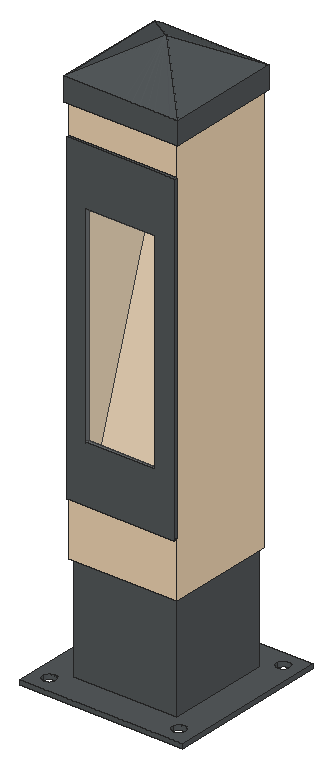
Revit family "Баум", category Осветительные приборы, Revit 2019 (continued)
Forms (mm)
  Extrusion 8, void
    sketch origin (0, 0, 0) x (0, 1, 0) y (0, 0, 1)
      loop
        line (47.5, 453) -> (-50, 453) -> (-50, 153) -> (47.5, 453)
    from -32 to 32
Cuts and joins
  Extrusion 8 cuts Extrusion 3
  Extrusion 8 cuts Extrusion 6
  Extrusion 8 cuts Extrusion 7
Lines and regions (mm)
  model lines, style "Линии светильника", detail levels coarse
    curve 1: line (0, 0, 531.172) -> (-52.5, 0, 502)
    curve 2: line (-50, 0, 502) -> (50, 0, 502)
    curve 3: line (52.5, 0, 502) -> (0, 0, 531.172)
    curve 4: line (-50, 0, 502) -> (-50, 0, 0)
    curve 5: line (50, 0, 502) -> (50, 0, 0)
    curve 6: line (-50, 0, 0) -> (50, 0, 0)
Dimensions and locks
  equal spacing: plane 6, plane 3 "По центру (Влево/Вправо)", plane 7
  "L_фланец": plane 6 to plane 7
  equal spacing: plane 4, plane 1 "По центру (Вперед/Назад)", plane 5
  "S_фланец": plane 4 to plane 5
  equal spacing: plane 8, plane 3 "По центру (Влево/Вправо)", plane 9
  "L_фланец отверстия": plane 8 to plane 9
  equal spacing: plane 10, plane 1 "По центру (Вперед/Назад)", plane 11
  "S_фланец отверстия": plane 10 to plane 11
  "h_фланец": plane 12 to plane 2
  equal spacing: plane 13, plane 3 "По центру (Влево/Вправо)", plane 14
  equal spacing: plane 15, plane 1 "По центру (Вперед/Назад)", plane 16
  "S_столб низ": plane 15 to plane 16
  "L_столб низ": plane 13 to plane 14
  "h_столб низ": plane 17 to plane 2
  equal spacing: plane 18, plane 3 "По центру (Влево/Вправо)", plane 19
  "L_столб верх": plane 18 to plane 19
  equal spacing: plane 20, plane 1 "По центру (Вперед/Назад)", plane 21
  "S_столб верх": plane 20 to plane 21
  "h_столб верх": plane 22 to plane 17
  equal spacing: plane 23, plane 3 "По центру (Влево/Вправо)", plane 24
  "L_столб верх": plane 23 to plane 24
  equal spacing: plane 29, plane 1 "По центру (Вперед/Назад)", plane 26
  "S_столб верх": plane 29 to plane 26
  "S_шапка": plane 25 to plane 29
  plane 27 to Extrusion 3 = 37.5 mm
  "S_шапка": plane 26 to plane 30
  "S_шапка": plane 24 to plane 28
  "h_опуск шапки": plane 22 to plane 31
  "h_шапка": plane 32 to plane 22
  "h1_окно": plane 31 to plane 33
  "h_окно": plane 33 to plane 34
  "X1_отступ стекла": plane 35 to plane 23
  "X1_отступ стекла": plane 24 to plane 36
  "X_отступ стекла": plane 33 to plane 37
  "X_отступ стекла": plane 38 to plane 34
  plane 21 to plane 39 = 3 mm
  "S_шапка": plane 40 to plane 23
  plane 32 to level = 531 mm
  "d_фланец отверстия": diameter of Extrusion 1 sketch curve  (x4)
  diameter of Blend 5 sketch curve = 0.6 mm
  "r_закругления": radius of Extrusion 6 sketch curve  (x8)
  "r_закругления": radius of Extrusion 7 sketch curve  (x4)
  aligned and locked: level to plane 2
  aligned and locked: Extrusion 1 sketch curve to plane 4
  aligned and locked: plane 6 to Extrusion 1 sketch curve
  aligned and locked: plane 5 to Extrusion 1 sketch curve
  aligned and locked: Extrusion 1 sketch curve to plane 7
  aligned and locked: plane 8 to Extrusion 1 sketch curve  (x2)
  aligned and locked: plane 10 to Extrusion 1 sketch curve  (x2)
  aligned and locked: plane 11 to Extrusion 1 sketch curve  (x2)
  aligned and locked: plane 9 to Extrusion 1 sketch curve  (x2)
  aligned and locked: Extrusion 1 to level
  aligned and locked: plane 12 to Extrusion 1
  aligned and locked: Extrusion 2 sketch curve to plane 15
  aligned and locked: plane 13 to Extrusion 2 sketch curve
  aligned and locked: plane 16 to Extrusion 2 sketch curve
  aligned and locked: Extrusion 2 sketch curve to plane 14
  aligned and locked: Extrusion 2 to plane 12
  aligned and locked: plane 17 to Extrusion 2
  aligned and locked: Extrusion 3 sketch curve to plane 20
  aligned and locked: plane 18 to Extrusion 3 sketch curve
  aligned and locked: plane 21 to Extrusion 3 sketch curve
  aligned and locked: Extrusion 3 sketch curve to plane 19
  aligned and locked: Extrusion 3 to plane 17
  aligned and locked: plane 22 to Extrusion 3
  aligned and locked: Extrusion 4 sketch curve to plane 25
  aligned and locked: plane 30 to Extrusion 4 sketch curve
  aligned and locked: Extrusion 4 sketch curve to plane 28
  aligned and locked: Extrusion 4 sketch curve to Extrusion 3  (x4)
  aligned and locked: Extrusion 4 to plane 31
  aligned and locked: plane 22 to Extrusion 4
  aligned and locked: Blend 5 sketch curve to Extrusion 4  (x3)
  aligned and locked: plane 3 "По центру (Влево/Вправо)" to Blend 5 sketch curve
  aligned and locked: plane 1 "По центру (Вперед/Назад)" to Blend 5 sketch curve
  aligned and locked: Blend 5 to plane 22
  aligned and locked: plane 32 to Blend 5
  aligned and locked: Extrusion 6 sketch curve to plane 33
  aligned and locked: plane 34 to Extrusion 6 sketch curve
  aligned and locked: plane 23 to Extrusion 6 sketch curve
  aligned and locked: Extrusion 6 sketch curve to plane 24
  aligned and locked: plane 21 to Extrusion 6
  aligned and locked: plane 39 to Extrusion 6
  aligned and locked: Extrusion 7 sketch curve to plane 35
  aligned and locked: plane 36 to Extrusion 7 sketch curve
  aligned and locked: Extrusion 7 sketch curve to plane 37
  aligned and locked: plane 38 to Extrusion 7 sketch curve
  aligned and locked: Extrusion 6 sketch curve to plane 37
  aligned and locked: Extrusion 6 sketch curve to plane 35
  aligned and locked: plane 38 to Extrusion 6 sketch curve
  aligned and locked: plane 36 to Extrusion 6 sketch curve
  aligned and locked: Extrusion 8 sketch curve to plane 33
  aligned and locked: plane 21 to Extrusion 8 sketch curve
  aligned and locked: plane 34 to Extrusion 8 sketch curve
  aligned and locked: plane 15 to Extrusion 8 sketch curve
  aligned and locked: Extrusion 8 to plane 35
  aligned and locked: Extrusion 8 to plane 36
  aligned and locked: plane 21 to cut or joined group of Extrusion 7, Extrusion 8
  aligned and locked: Blend 5 sketch curve to plane 40
  aligned and locked: Extrusion 4 sketch curve to plane 40
  aligned and locked: plane 39 to Extrusion 7
  aligned and locked: plane 1 "По центру (Вперед/Назад)" to nested 1
  aligned and locked: plane 3 "По центру (Влево/Вправо)" to nested 1
  aligned and locked: plane 3 "По центру (Влево/Вправо)" to imposter light
  aligned and locked: imposter light to plane 33
  aligned and locked: plane 1 "По центру (Вперед/Назад)" to imposter light
Automatic sketch dimensions
  curve 1 to plane 22 = 0 mm
  plane 40 to curve 1 = 0 mm
  plane 32 to curve 1 = 0.172 mm
  curve 3 to plane 28 = 0 mm
  curve 1 to plane 3 "По центру (Влево/Вправо)" = 0 mm
  curve 6 to level = 0 mm
  curve 2 to plane 18 = 0 mm
  curve 4 to plane 22 = 0 mm
  curve 2 to plane 19 = 0 mm
  curve 3 to plane 22 = 0 mm
Nested families
  nested 1: "УГО план" at (0, 0, 0), type "УГО план"
Connectors
  electrical at (0, 0, 0), driven by "ADSK_Количество фаз", driven by "ADSK_Классификация нагрузок", driven by "ADSK_Напряжение", driven by "ADSK_Полная мощность"
    settings: on Extrusion 1, index 1, voltage 220 V, apparent load 0 VA, apparent load phase1 0 VA, apparent load phase2 0 VA, apparent load phase3 0 VA, power factor 1, load classification "Освещение", number of poles 2, system type 30, power factor state 1, is connector primary yes, connector utility no, sub classification motor no, connector description ""
  cabletrayconduit at (0, 0, 0), diameter 20, driven by "Короб_Диаметр"
    settings: on Extrusion 1, index 2, connector width 300 mm, connector height 300 mm, connector angle 0.00°, system type 32, placement type 0, profile type 0, connector reference index -1, is primary connector yes, connector utility param no, connector description ""
Definition of nested family "УГО план"
  Parameters (values of type "УГО план")
    Default Elevation = 1219.2 mm
    r_УГО = 250 mm
    l_Отступ линий = r_УГО * 0.52  # 130 mm
    d_УГО = r_УГО * 2  # 500 mm
  Reference planes
    plane 1 "По центру (Вперед/Назад)": y = 0
    plane 2: z = 0
    plane 3 "По центру (Влево/Вправо)": x = 0
    plane 4: y = 250
    plane 5: y = -250
    plane 6: x = -250
    plane 7: x = 250
    plane 8: x = -120
    plane 9: x = 120
  Lines and regions (mm)
    symbolic lines
      curve 1: circle (0, 0, 0) r 250 normal (0, 0, 1)
      curve 2: line (-120, 219.317, 0) -> (-120, -219.317, 0)
      curve 3: line (120, 219.317, 0) -> (120, -219.317, 0)
  Dimensions and locks
    equal spacing: plane 4, plane 1 "По центру (Вперед/Назад)", plane 5
    "d_УГО": plane 4 to plane 5
    equal spacing: plane 6, plane 3 "По центру (Влево/Вправо)", plane 7
    "d_УГО": plane 6 to plane 7
    "l_Отступ линий": plane 6 to plane 8
    "l_Отступ линий": plane 9 to plane 7
    "r_УГО": radius of curve 1
    aligned and locked: level to plane 2
    aligned and locked: plane 3 "По центру (Влево/Вправо)" to curve 1
    aligned and locked: plane 1 "По центру (Вперед/Назад)" to curve 1
    aligned and locked: curve 2 to plane 8
    aligned and locked: curve 3 to plane 9
Types (3, lengths in mm): name | Файл фотометрической сетки | built-in parameter 1150105 | Lumens | built-in parameter 1150106 | built-in parameter 1150142 | Wattage | h_столб низ | h_столб верх | ADSK_Фактическая мощность | ADSK_Размер_Высота | ADSK_Номинальная мощность | ADSK_Наименование | ADSK_Масса_Текст | ADSK_Масса | ADSK_Артикул
  (no name) | "DTU-96-AF Baum 4 W .ies" | 31.831 (stored number, unit not read) | 400 lm | 0.31831 (stored number, unit not read) | "IESNA:LM-63-1995\r\n[TEST]\t\talf\r\n[MANUFAC]\tAlfresco\r\n[LUMCAT]\tDTU-96-AF Baum\r\n[LUMINAIRE]\tDTU-96-AF Baum 4 W\r\n[LAMP]\t\tLED\r\n[DATE]\t\tLDT Editor version 1.2.5.0 - DIAL GmbH (www.dial.de) on 13-05-2022\r\n[OTHER]\t\tEULUMDAT file: E:\\Revit\\1-я партия\\Ies\\Баум\\DTU-96-AF Baum 4 W .ldt\r\nTILT=NONE\r\n1 400.0 0.400 181 144 1 2 0.20 0.23 0.00\r\n1.0 1 4.0\r\n0.0 1.0 2.0 3.0 4.0 5.0 6.0 7.0 8.0 9.0 10.0 11.0 12.0 13.0 14.0 15.0 16.0 17.0 18.0 19.0 20.0 21.0 22.0 23.0 24.0 25.0 26.0 27.0\r\n 28.0 29.0 30.0 31.0 32.0 33.0 34.0 35.0 36.0 37.0 38.0 39.0 40.0 41.0 42.0 43.0 44.0 45.0 46.0 47.0 48.0 49.0 50.0 51.0 52.0 53.0\r\n 54.0 55.0 56.0 57.0 58.0 59.0 60.0 61.0 62.0 63.0 64.0 65.0 66.0 67.0 68.0 69.0 70.0 71.0 72.0 73.0 74.0 75.0 76.0 77.0 78.0 79.0\r\n 80.0 81.0 82.0 83.0 84.0 85.0 86.0 87.0 88.0 89.0 90.0 91.0 92.0 93.0 94.0 95.0 96.0 97.0 98.0 99.0 100.0 101.0 102.0 103.0 104.0\r\n 105.0 106.0 107.0 108.0 109.0 110.0 111.0 112.0 113.0 114.0 115.0 116.0 117.0 118.0 119.0 120.0 121.0 122.0 123.0 124.0 125.0\r\n 126.0 127.0 128.0 129.0 130.0 131.0 132.0 133.0 134.0 135.0 136.0 137.0 138.0 139.0 140.0 141.0 142.0 143.0 144.0 145.0 146.0\r\n 147.0 148.0 149.0 150.0 151.0 152.0 153.0 154.0 155.0 156.0 157.0 158.0 159.0 160.0 161.0 162.0 163.0 164.0 165.0 166.0 167.0\r\n 168.0 169.0 170.0 171.0 172.0 173.0 174.0 175.0 176.0 177.0 178.0 179.0 180.0\r\n0.0 2.5 5.0 7.5 10.0 12.5 15.0 17.5 20.0 22.5 25.0 27.5 30.0 32.5 35.0 37.5 40.0 42.5 45.0 47.5 50.0 52.5 55.0 57.5 60.0 62.5 65.0\r\n 67.5 70.0 72.5 75.0 77.5 80.0 82.5 85.0 87.5 90.0 92.5 95.0 97.5 100.0 102.5 105.0 107.5 110.0 112.5 115.0 117.5 120.0 122.5\r\n 125.0 127.5 130.0 132.5 135.0 137.5 140.0 142.5 145.0 147.5 150.0 152.5 155.0 157.5 160.0 162.5 165.0 167.5 170.0 172.5 175.0\r\n 177.5 180.0 182.5 185.0 187.5 190.0 192.5 195.0 197.5 200.0 202.5 205.0 207.5 210.0 212.5 215.0 217.5 220.0 222.5 225.0 227.5\r\n 230.0 232.5 235.0 237.5 240.0 242.5 245.0 247.5 250.0 252.5 255.0 257.5 260.0 262.5 265.0 267.5 270.0 272.5 275.0 277.5 280.0\r\n 282.5 285.0 287.5 290.0 292.5 295.0 297.5 300.0 302.5 305.0 307.5 310.0 312.5 315.0 317.5 320.0 322.5 325.0 327.5 330.0 332.5\r\n 335.0 337.5 340.0 342.5 345.0 347.5 350.0 352.5 355.0 357.5 360.0\r\n0.0 0.0 0.6 0.4 0.6 0.4 0.4 0.4 0.6 0.7 0.6 1.1 77.4 214.9 313.3 393.1 474.8 586.5 677.7 827.7 954.3 978.1 983.5 986.0 987.5 989.0\r\n 991.5 992.3 993.4 990.1 989.3 993.0 987.0 987.5 987.3 980.7 984.0 984.0 983.7 980.3 981.1 980.9 974.7 966.0 961.3 951.7 940.3\r\n 937.0 932.1 932.3 925.1 911.5 879.2 838.3 782.3 731.3 688.4 657.9 632.2 603.0 567.4 549.3 530.7 497.9 469.1 454.6 434.2 402.5\r\n 366.9 346.5 325.6 308.3 268.5 244.4 206.4 182.8 163.9 131.8 100.8 62.0 28.3 4.0 0.7 0.6 0.6 0.6 0.6 0.6 0.6 0.6 0.6 0.6 0.6 0.6\r\n 0.6 0.6 0.6 0.6 0.6 0.6 0.6 0.6 0.6 0.6 0.6 0.6 0.6 0.6 0.6 0.6 0.6 0.6 0.6 0.6 0.7 0.6 0.6 0.6 0.6 0.6 0.6 0.6 0.6 0.6 0.6 0.6\r\n 0.6 0.6 0.6 0.6 0.6 0.6 0.7 0.6 0.6 0.6 0.6 0.6 0.6 0.6 0.6 0.6 0.6 0.7 0.6 0.7 0.6 0.6 0.7 0.7 0.6 0.6 0.6 0.6 0.7 0.7 0.7 0.6\r\n 0.7 0.6 0.7 0.6 0.6 0.6 0.6 0.6 0.6 0.6 0.6 0.6 0.6 0.4 0.2 0.2 0.2 0.2 0.2 0.2 0.0 0.0 0.0\r\n0.0 0.0 0.6 0.4 0.6 0.4 0.4 0.4 0.6 0.7 0.6 0.9 75.2 216.0 314.4 395.3 478.6 597.2 694.8 837.4 948.8 977.2 974.8 973.7 979.6 982.5\r\n 985.7 985.1 989.9 990.6 992.5 986.8 988.8 989.3 984.8 988.2 988.2 980.3 976.3 973.2 967.1 963.5 961.6 955.6 947.7 948.0 956.7\r\n 955.6 946.2 932.3 922.7 901.8 871.7 829.7 774.6 723.2 684.0 653.9 627.8 597.2 571.7 555.9 532.9 494.0 458.4 440.1 424.7 396.6\r\n 368.3 349.4 337.9 308.7 278.0 245.9 203.3 171.2 160.6 129.2 94.9 57.4 20.5 2.6 0.6 0.4 0.6 0.6 0.4 0.6 0.6 0.6 0.6 0.6 0.6 0.6\r\n 0.6 0.6 0.6 0.6 0.6 0.6 0.6 0.6 0.6 0.6 0.6 0.6 0.6 0.6 0.6 0.6 0.6 0.6 0.6 0.6 0.6 0.6 0.6 0.6 0.6 0.6 0.6 0.6 0.6 0.6 0.6 0.6\r\n 0.6 0.6 0.6 0.6 0.6 0.6 0.6 0.6 0.6 0.6 0.6 0.6 0.6 0.6 0.6 0.6 0.6 0.6 0.6 0.6 0.6 0.6 0.6 0.6 0.6 0.6 0.6 0.6 0.6 0.6 0.6 0.6\r\n 0.6 0.6 0.6 0.6 0.6 0.6 0.6 0.6 0.6 0.6 0.6 0.6 0.6 0.4 0.2 0.2 0.2 0.2 0.2 0.2 0.0 0.0 0.0\r\n0.0 0.0 0.6 0.4 0.6 0.4 0.4 0.4 0.6 0.7 0.6 0.9 68.1 214.0 314.4 390.9 470.5 580.7 682.5 820.5 950.4 973.2 967.9 972.6 976.3 978.9\r\n 981.3 987.9 986.8 986.8 989.3 985.5 990.3 988.6 984.9 984.2 983.1 981.8 975.8 969.7 964.6 958.7 952.5 953.9 957.0 947.5 934.5\r\n 926.0 916.8 912.1 901.4 889.9 869.1 834.3 783.1 723.8 683.8 649.8 622.3 591.1 559.2 544.5 524.7 485.4 459.2 443.0 427.4 408.0\r\n 375.1 355.1 333.1 306.5 265.4 235.4 198.6 179.5 160.9 133.6 99.7 61.7 25.1 3.7 0.6 0.6 0.6 0.6 0.6 0.6 0.6 0.6 0.6 0.6 0.6 0.6\r\n 0.6 0.6 0.6 0.6 0.6 0.6 0.6 0.6 0.6 0.6 0.6 0.6 0.6 0.6 0.6 0.6 0.6 0.6 0.6 0.6 0.6 0.6 0.6 0.6 0.6 0.6 0.6 0.6 0.6 0.6 0.6 0.6\r\n 0.6 0.6 0.6 0.6 0.6 0.6 0.6 0.4 0.6 0.4 0.6 0.6 0.6 0.6 0.6 0.6 0.6 0.6 0.6 0.6 0.6 0.6 0.6 0.6 0.6 0.6 0.6 0.6 0.6 0.6 0.6 0.6\r\n 0.6 0.6 0.6 0.6 0.6 0.6 0.6 0.6 0.6 0.6 0.6 0.6 0.6 0.4 0.2 0.2 0.2 0.2 0.2 0.2 0.0 0.0 0.0\r\n0.0 0.0 0.6 0.4 0.6 0.4 0.4 0.4 0.6 0.7 0.6 0.7 57.8 206.3 309.6 383.4 455.9 552.2 650.4 780.3 950.4 975.9 973.0 972.5 973.7 984.6\r\n 984.0 987.9 984.9 989.3 991.7 989.5 987.1 975.4 979.4 972.3 964.4 964.9 966.8 967.9 968.8 965.5 962.2 952.6 944.8 931.5 923.7\r\n 920.3 918.7 913.7 899.8 889.5 871.3 821.4 765.6 719.0 671.3 638.1 617.3 587.6 556.2 536.6 517.0 485.4 456.2 443.2 422.3 395.1\r\n 362.6 340.6 330.9 302.1 267.6 238.0 204.6 173.2 160.0 131.8 96.2 55.1 18.0 3.3 0.6 0.4 0.4 0.4 0.4 0.4 0.4 0.4 0.4 0.4 0.4 0.4\r\n 0.4 0.4 0.4 0.4 0.4 0.4 0.4 0.4 0.4 0.4 0.4 0.4 0.4 0.4 0.4 0.4 0.4 0.4 0.4 0.4 0.4 0.4 0.4 0.4 0.4 0.6 0.4 0.4 0.4 0.6 0.6 0.4\r\n 0.4 0.4 0.4 0.4 0.4 0.4 0.4 0.4 0.4 0.6 0.6 0.6 0.6 0.6 0.6 0.6 0.6 0.6 0.6 0.6 0.6 0.6 0.6 0.6 0.6 0.6 0.6 0.6 0.6 0.6 0.6 0.6\r\n 0.6 0.6 0.6 0.6 0.6 0.6 0.6 0.6 0.6 0.6 0.6 0.6 0.6 0.4 0.2 0.2 0.2 0.2 0.2 0.2 0.0 0.0 0.0\r\n0.0 0.0 0.6 0.4 0.6 0.4 0.4 0.4 0.6 0.7 0.6 0.7 45.5 195.3 300.2 378.6 447.2 534.8 631.7 756.3 934.8 975.2 983.8 978.1 980.9 978.0\r\n 979.1 980.5 975.8 983.5 980.9 980.9 979.4 985.1 978.5 976.3 971.7 971.7 965.9 955.8 951.4 942.5 934.3 926.2 920.0 918.3 917.8\r\n 914.5 907.1 904.4 903.8 893.2 866.2 836.3 787.1 728.6 684.7 652.6 628.7 591.5 561.2 547.6 528.0 500.6 462.8 436.8 426.3 401.5\r\n 367.4 343.7 327.2 306.3 273.1 241.1 207.2 180.9 158.0 132.3 96.2 65.3 26.1 4.6 0.6 0.4 0.4 0.4 0.4 0.4 0.4 0.4 0.4 0.4 0.4 0.4\r\n 0.4 0.4 0.4 0.4 0.4 0.4 0.4 0.4 0.4 0.4 0.4 0.4 0.4 0.4 0.4 0.4 0.4 0.4 0.4 0.4 0.4 0.4 0.4 0.4 0.4 0.4 0.4 0.4 0.4 0.4 0.4 0.4\r\n 0.4 0.4 0.4 0.4 0.4 0.4 0.4 0.4 0.4 0.4 0.4 0.4 0.4 0.6 0.6 0.6 0.6 0.6 0.6 0.4 0.6 0.6 0.6 0.6 0.6 0.6 0.6 0.4 0.6 0.6 0.6 0.6\r\n 0.6 0.6 0.6 0.6 0.6 0.6 0.6 0.6 0.6 0.6 0.6 0.6 0.6 0.4 0.2 0.2 0.2 0.2 0.2 0.2 0.0 0.0 0.0\r\n0.0 0.0 0.6 0.4 0.6 0.4 0.4 0.4 0.6 0.6 0.6 0.7 31.4 180.4 289.8 373.1 446.9 530.0 626.7 732.6 914.3 975.6 984.6 990.3 984.4 983.5\r\n 981.6 980.5 985.8 981.3 977.6 979.1 974.5 977.8 978.0 975.2 972.3 960.9 957.4 951.0 941.1 940.5 943.3 942.7 936.7 932.6 928.6\r\n 914.7 903.3 897.6 891.2 884.7 865.1 837.9 790.6 739.6 683.4 643.4 618.5 595.0 561.6 539.7 518.3 483.6 449.6 435.9 419.0 397.5\r\n 365.4 338.6 320.6 299.7 266.3 241.3 208.1 177.3 155.8 127.6 96.7 56.7 20.5 2.8 0.4 0.4 0.4 0.4 0.4 0.4 0.4 0.4 0.4 0.4 0.4 0.4\r\n 0.4 0.4 0.4 0.4 0.4 0.4 0.4 0.4 0.4 0.4 0.4 0.4 0.4 0.4 0.4 0.4 0.4 0.4 0.4 0.4 0.4 0.4 0.4 0.4 0.4 0.4 0.4 0.4 0.4 0.4 0.4 0.4\r\n 0.4 0.4 0.4 0.4 0.4 0.4 0.4 0.4 0.4 0.4 0.4 0.4 0.4 0.4 0.4 0.4 0.6 0.4 0.4 0.4 0.4 0.6 0.4 0.6 0.6 0.4 0.6 0.6 0.6 0.6 0.6 0.6\r\n 0.6 0.6 0.6 0.6 0.6 0.6 0.6 0.6 0.6 0.6 0.6 0.6 0.6 0.4 0.2 0.2 0.2 0.2 0.2 0.2 0.0 0.0 0.0\r\n0.0 0.0 0.6 0.4 0.6 0.4 0.4 0.4 0.6 0.6 0.6 0.6 18.9 159.7 278.4 360.2 441.0 523.6 626.5 715.7 884.2 970.1 976.7 983.3 987.0 981.1\r\n 983.3 985.3 975.0 974.8 974.7 973.0 973.5 969.0 966.8 966.6 965.7 967.5 964.8 959.8 958.0 956.7 953.4 940.0 934.7 928.8 916.5\r\n 905.8 902.4 899.0 888.2 882.9 876.1 846.2 800.0 746.4 690.0 656.4 629.6 602.7 568.5 541.0 521.9 506.3 468.5 443.2 425.4 405.6\r\n 369.4 341.9 326.5 305.5 278.0 240.9 209.4 173.6 155.6 138.2 104.6 69.9 31.8 7.2 0.6 0.4 0.4 0.4 0.4 0.4 0.4 0.4 0.4 0.4 0.4 0.4\r\n 0.4 0.4 0.4 0.4 0.4 0.4 0.4 0.4 0.4 0.4 0.4 0.4 0.4 0.4 0.4 0.4 0.4 0.4 0.4 0.4 0.4 0.4 0.4 0.4 0.4 0.4 0.4 0.4 0.4 0.4 0.4 0.4\r\n 0.4 0.4 0.4 0.4 0.4 0.4 0.4 0.4 0.4 0.4 0.4 0.4 0.4 0.4 0.4 0.4 0.4 0.4 0.4 0.4 0.4 0.4 0.4 0.4 0.4 0.6 0.4 0.6 0.6 0.4 0.6 0.4\r\n 0.6 0.4 0.6 0.6 0.6 0.6 0.6 0.6 0.6 0.6 0.6 0.6 0.6 0.4 0.2 0.2 0.2 0.2 0.2 0.2 0.0 0.0 0.0\r\n0.0 0.0 0.6 0.4 0.6 0.4 0.4 0.4 0.6 0.6 0.6 0.6 10.3 135.8 261.9 339.9 417.9 501.6 608.5 697.7 837.4 948.4 964.9 968.1 971.5 971.4\r\n 975.0 973.5 974.3 975.2 978.7 978.9 972.1 971.7 971.0 970.1 962.5 958.9 957.0 961.3 953.9 945.8 936.7 934.7 936.9 926.6 910.3\r\n 911.5 909.9 890.8 884.0 878.1 863.5 841.8 798.3 742.9 694.6 647.1 618.1 594.6 555.5 530.5 513.7 492.4 459.2 430.5 412.2 395.7\r\n 363.4 339.1 325.0 308.7 272.5 240.6 207.0 170.5 153.8 131.8 97.6 59.5 26.8 5.3 0.6 0.4 0.4 0.4 0.4 0.4 0.4 0.4 0.4 0.4 0.4 0.4\r\n 0.4 0.4 0.4 0.4 0.4 0.4 0.4 0.4 0.4 0.4 0.4 0.4 0.4 0.4 0.4 0.4 0.4 0.4 0.4 0.4 0.4 0.4 0.4 0.4 0.4 0.4 0.4 0.4 0.4 0.4 0.4 0.4\r\n 0.4 0.4 0.4 0.4 0.4 0.4 0.4 0.4 0.4 0.4 0.4 0.4 0.4 0.4 0.4 0.4 0.4 0.4 0.4 0.4 0.4 0.4 0.4 0.4 0.4 0.4 0.4 0.4 0.4 0.4 0.4 0.4\r\n 0.4 0.4 0.4 0.4 0.6 0.6 0.6 0.6 0.6 0.6 0.6 0.4 0.6 0.4 0.2 0.2 0.2 0.2 0.2 0.2 0.0 0.0 0.0\r\n0.0 0.0 0.6 0.4 0.6 0.4 0.4 0.4 0.4 0.6 0.6 0.6 5.5 106.1 240.8 322.6 392.5 466.5 568.2 663.4 782.3 911.0 951.2 957.2 958.0 966.2\r\n 970.4 967.7 972.8 972.8 968.8 969.2 971.9 965.5 963.7 960.5 961.3 957.2 953.7 949.2 937.6 939.8 937.2 927.5 917.8 918.9 919.2\r\n 909.0 901.1 897.4 889.5 869.5 855.4 839.8 811.7 771.7 716.5 661.8 622.8 595.3 567.4 541.0 517.9 495.9 465.4 433.3 414.0 405.0\r\n 381.0 343.9 321.3 302.6 276.4 241.5 212.9 178.4 156.4 135.3 109.4 77.6 38.0 8.4 1.1 0.4 0.4 0.4 0.4 0.4 0.4 0.4 0.4 0.4 0.4 0.4\r\n 0.4 0.4 0.4 0.4 0.4 0.4 0.4 0.4 0.4 0.4 0.4 0.4 0.4 0.4 0.4 0.4 0.4 0.4 0.4 0.4 0.4 0.4 0.4 0.4 0.4 0.4 0.4 0.4 0.4 0.4 0.4 0.4\r\n 0.4 0.4 0.4 0.4 0.4 0.4 0.4 0.4 0.4 0.4 0.4 0.4 0.4 0.4 0.4 0.4 0.4 0.4 0.4 0.4 0.4 0.4 0.4 0.4 0.4 0.4 0.4 0.4 0.4 0.4 0.4 0.4\r\n 0.4 0.4 0.4 0.4 0.6 0.6 0.6 0.6 0.6 0.6 0.6 0.4 0.4 0.4 0.2 0.2 0.2 0.2 0.2 0.2 0.0 0.0 0.0\r\n0.0 0.0 0.6 0.4 0.6 0.4 0.4 0.4 0.4 0.6 0.6 0.6 2.9 72.7 214.5 307.8 376.0 439.5 527.6 630.9 739.4 880.7 949.0 948.0 953.2 960.2\r\n 959.8 960.9 960.5 961.6 959.4 957.4 958.0 958.3 957.8 958.2 957.6 953.6 952.1 946.2 948.0 941.3 938.7 934.5 927.0 917.8 908.8\r\n 900.9 895.9 886.4 878.5 869.3 860.5 847.5 821.6 775.5 722.9 670.0 628.2 595.3 571.5 537.5 514.6 499.7 474.9 439.2 410.5 395.5\r\n 378.0 343.0 317.5 300.2 270.1 238.4 207.6 177.3 151.6 134.9 109.6 72.3 39.1 5.7 0.6 0.4 0.4 0.4 0.4 0.4 0.4 0.4 0.4 0.4 0.4 0.4\r\n 0.4 0.4 0.4 0.4 0.4 0.4 0.4 0.4 0.4 0.4 0.4 0.4 0.4 0.4 0.4 0.4 0.4 0.4 0.4 0.4 0.4 0.4 0.4 0.4 0.4 0.4 0.4 0.4 0.4 0.4 0.4 0.4\r\n 0.4 0.4 0.4 0.4 0.4 0.4 0.4 0.4 0.4 0.4 0.4 0.4 0.4 0.4 0.4 0.4 0.4 0.4 0.4 0.4 0.4 0.4 0.4 0.4 0.4 0.4 0.4 0.4 0.4 0.4 0.4 0.4\r\n 0.4 0.4 0.4 0.4 0.4 0.4 0.4 0.6 0.6 0.6 0.6 0.4 0.4 0.4 0.2 0.2 0.2 0.2 0.2 0.2 0.0 0.0 0.0\r\n0.0 0.0 0.6 0.4 0.4 0.4 0.2 0.2 0.4 0.6 0.6 0.6 1.5 44.8 180.0 285.4 362.5 425.2 497.3 599.0 696.3 824.9 938.9 953.7 955.0 958.0\r\n 958.0 961.6 962.0 958.2 964.9 959.4 959.3 955.0 955.0 953.0 954.8 952.8 947.5 940.9 936.1 933.4 926.8 921.6 914.3 911.7 905.7\r\n 895.2 883.1 875.0 871.9 861.4 849.5 840.9 826.0 794.3 748.6 686.3 635.3 599.2 571.7 544.5 513.1 490.9 474.4 446.9 415.3 394.0\r\n 377.5 346.3 315.6 299.9 280.0 249.4 221.9 195.3 163.3 140.9 110.5 77.3 40.2 12.3 1.8 0.4 0.4 0.4 0.4 0.4 0.4 0.4 0.4 0.4 0.4 0.4\r\n 0.4 0.4 0.4 0.4 0.4 0.4 0.4 0.4 0.4 0.4 0.4 0.4 0.4 0.4 0.4 0.4 0.4 0.4 0.4 0.4 0.4 0.4 0.4 0.4 0.4 0.4 0.4 0.4 0.4 0.4 0.4 0.4\r\n 0.4 0.4 0.4 0.4 0.4 0.4 0.4 0.4 0.4 0.4 0.4 0.4 0.4 0.4 0.4 0.4 0.4 0.4 0.4 0.4 0.4 0.4 0.4 0.4 0.4 0.4 0.4 0.4 0.4 0.4 0.4 0.4\r\n 0.4 0.4 0.4 0.4 0.4 0.4 0.4 0.6 0.6 0.6 0.6 0.4 0.4 0.4 0.2 0.2 0.2 0.2 0.2 0.2 0.0 0.0 0.0\r\n0.0 0.0 0.6 0.4 0.4 0.2 0.2 0.2 0.4 0.6 0.6 0.6 0.7 23.5 138.7 255.6 338.6 407.2 472.6 563.8 659.0 781.6 902.4 954.7 956.5 953.0\r\n 955.9 955.9 954.3 952.1 952.3 950.8 947.0 948.6 942.5 940.0 935.9 934.5 932.3 931.3 926.2 922.7 915.0 915.4 905.7 895.9 891.3\r\n 880.3 880.0 869.9 858.3 842.9 835.4 822.9 810.4 783.6 751.5 708.7 659.7 612.2 575.2 545.4 509.3 482.5 470.2 444.7 410.2 385.9\r\n 367.4 343.4 315.6 291.8 273.4 248.1 210.9 183.3 150.1 135.1 111.9 84.2 47.3 17.6 1.1 0.4 0.4 0.4 0.4 0.4 0.4 0.4 0.4 0.4 0.4 0.4\r\n 0.4 0.4 0.4 0.4 0.4 0.4 0.4 0.4 0.4 0.4 0.4 0.4 0.4 0.4 0.4 0.4 0.4 0.4 0.4 0.4 0.4 0.4 0.4 0.4 0.4 0.4 0.4 0.4 0.4 0.4 0.4 0.4\r\n 0.4 0.4 0.4 0.4 0.4 0.4 0.4 0.4 0.4 0.4 0.4 0.4 0.4 0.4 0.4 0.4 0.4 0.4 0.4 0.4 0.4 0.4 0.4 0.4 0.4 0.4 0.4 0.4 0.4 0.4 0.4 0.4\r\n 0.4 0.4 0.4 0.4 0.4 0.4 0.4 0.6 0.6 0.6 0.6 0.4 0.4 0.4 0.2 0.2 0.2 0.2 0.2 0.2 0.0 0.0 0.0\r\n0.0 0.0 0.6 0.4 0.4 0.2 0.2 0.2 0.4 0.6 0.6 0.6 0.6 9.5 94.5 221.7 306.3 378.8 447.2 523.6 615.3 717.0 855.0 940.5 954.3 950.8\r\n 949.5 950.4 952.8 947.1 941.5 942.7 942.4 942.5 939.1 933.7 922.7 926.4 920.5 921.1 918.7 908.4 896.7 890.1 888.8 888.8 875.0\r\n 871.2 869.7 858.1 848.8 843.8 828.8 816.3 806.9 787.3 758.1 717.5 665.6 618.3 581.6 550.6 521.7 493.3 465.4 441.9 408.9 381.4\r\n 364.8 348.3 317.9 290.0 274.7 254.9 223.3 190.9 157.3 134.0 115.6 85.3 53.0 19.5 2.8 0.4 0.4 0.4 0.4 0.4 0.4 0.4 0.4 0.4 0.4 0.4\r\n 0.4 0.4 0.4 0.4 0.4 0.4 0.4 0.4 0.4 0.4 0.4 0.4 0.4 0.4 0.4 0.4 0.4 0.4 0.4 0.4 0.4 0.4 0.4 0.4 0.4 0.4 0.4 0.4 0.4 0.4 0.4 0.4\r\n 0.4 0.4 0.4 0.4 0.4 0.4 0.4 0.4 0.4 0.4 0.4 0.4 0.4 0.4 0.4 0.4 0.4 0.4 0.4 0.4 0.4 0.4 0.4 0.4 0.4 0.4 0.4 0.4 0.4 0.4 0.4 0.4\r\n 0.4 0.4 0.4 0.4 0.4 0.4 0.4 0.4 0.6 0.6 0.6 0.4 0.4 0.4 0.2 0.2 0.2 0.2 0.2 0.2 0.0 0.0 0.0\r\n0.0 0.0 0.6 0.4 0.4 0.2 0.2 0.2 0.4 0.6 0.6 0.6 0.4 3.7 53.6 176.9 273.1 348.9 414.8 481.2 562.1 653.5 779.6 892.8 946.2 944.4\r\n 944.2 937.4 936.1 940.7 938.9 932.6 930.6 929.3 927.0 923.7 923.5 912.5 912.3 905.3 902.2 899.6 897.4 892.5 882.5 875.2 871.7\r\n 863.8 851.2 844.4 830.6 826.6 821.2 814.8 803.3 787.5 763.4 729.3 686.3 633.0 595.5 560.8 530.2 489.8 469.6 446.3 424.5 393.5\r\n 370.5 352.9 325.6 295.1 270.1 245.2 221.5 188.1 160.8 131.2 111.9 92.9 61.1 27.7 4.8 0.4 0.4 0.4 0.4 0.4 0.4 0.4 0.4 0.4 0.4 0.4\r\n 0.4 0.4 0.4 0.4 0.4 0.4 0.4 0.4 0.4 0.4 0.4 0.4 0.4 0.4 0.4 0.4 0.4 0.4 0.4 0.4 0.4 0.4 0.4 0.4 0.4 0.4 0.4 0.4 0.4 0.4 0.4 0.4\r\n 0.4 0.4 0.4 0.4 0.4 0.4 0.4 0.4 0.4 0.4 0.4 0.4 0.4 0.4 0.4 0.4 0.4 0.4 0.4 0.4 0.4 0.4 0.4 0.4 0.4 0.4 0.4 0.4 0.4 0.4 0.4 0.4\r\n 0.4 0.4 0.4 0.4 0.4 0.4 0.4 0.4 0.4 0.6 0.6 0.4 0.4 0.4 0.2 0.2 0.2 0.2 0.2 0.2 0.0 0.0 0.0\r\n0.0 0.0 0.6 0.4 0.4 0.2 0.2 0.2 0.4 0.6 0.6 0.4 0.4 1.5 22.4 125.5 234.5 314.7 380.8 442.3 515.5 593.9 692.6 818.1 917.4 938.5\r\n 943.1 937.6 934.5 930.6 933.7 927.5 923.5 920.0 919.2 920.0 912.5 908.8 897.4 894.5 885.5 880.0 880.2 874.8 869.5 862.2 854.5\r\n 853.9 844.7 830.0 823.3 806.2 795.5 783.4 770.8 764.9 752.4 732.2 693.0 645.8 594.8 546.7 526.0 500.1 464.7 437.0 419.3 387.4\r\n 356.8 338.2 320.8 294.2 268.1 247.2 227.2 192.3 167.9 134.3 116.3 90.7 65.9 29.5 6.6 0.6 0.4 0.4 0.4 0.4 0.4 0.4 0.4 0.4 0.4 0.4\r\n 0.4 0.4 0.4 0.4 0.4 0.4 0.4 0.4 0.4 0.4 0.4 0.4 0.4 0.4 0.4 0.4 0.4 0.4 0.4 0.4 0.4 0.4 0.4 0.4 0.4 0.4 0.4 0.4 0.4 0.4 0.4 0.4\r\n 0.4 0.4 0.4 0.4 0.4 0.4 0.4 0.4 0.4 0.4 0.4 0.4 0.4 0.4 0.4 0.4 0.4 0.4 0.4 0.4 0.4 0.4 0.4 0.4 0.4 0.4 0.4 0.4 0.4 0.4 0.4 0.4\r\n 0.4 0.4 0.4 0.4 0.4 0.4 0.4 0.4 0.4 0.6 0.6 0.4 0.4 0.4 0.2 0.2 0.2 0.2 0.2 0.2 0.0 0.0 0.0\r\n0.0 0.0 0.6 0.4 0.4 0.2 0.2 0.2 0.4 0.6 0.6 0.4 0.4 0.6 6.4 76.9 182.1 274.7 343.0 408.3 468.3 538.4 620.7 723.6 841.1 919.2 926.4\r\n 932.1 927.3 928.8 921.6 920.0 918.0 910.4 904.6 900.3 900.0 888.8 889.9 884.9 876.7 874.8 864.5 856.3 857.9 852.6 844.7 824.4\r\n 821.2 819.0 803.6 796.7 788.4 782.7 772.4 755.4 745.1 727.5 702.3 666.3 614.4 563.2 520.8 495.3 463.9 439.9 416.0 395.5 363.4\r\n 335.3 316.2 292.9 266.5 246.6 224.4 195.8 164.4 137.6 115.4 98.2 73.8 41.3 8.1 1.3 0.4 0.4 0.4 0.4 0.4 0.4 0.4 0.4 0
